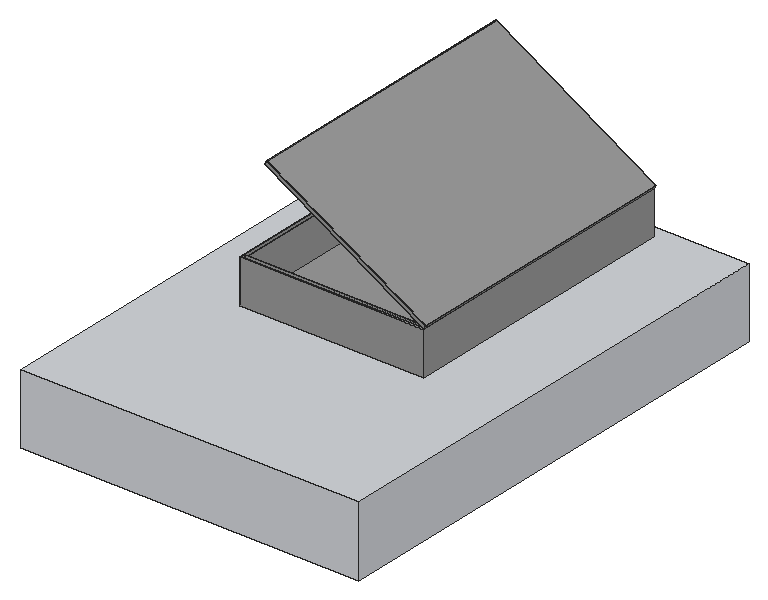
Revit family "Hager-Univers-IP44-D205-H1250-Cl.II-Encl-PT-pt", category Equipement électrique, Revit 2020
Family settings
  Hôte = Face
  Configuration du panneau = Deux colonnes, circuits au sein
  Cote de connecteur circulaire = Utiliser le diamètre
  Type d'élément = Tableau de raccordement
  Couper avec des vides une fois chargée = Non
  Partagée = Non
  Point de calcul de pièce = Non
Parameters (values of type "Montagem em superfície (gesso) IP44 L800 A1250 P205  - FP83SN2")
  Width Control [instance] = if([EF000008 - Largura] > Min Width, [EF000008 - Largura], Min Width)  # 800 mm
  Commentaires du type = [HG000003 - Gama]  # "Univers"
  Thickness Door [instance] = if([EF009171 - Espessura do material da porta/tampa] > 3 mm, 3 mm, [EF009171 - Espessura do material da porta/tampa])  # 1 mm
  Seal Frame Offset [instance] = 17 mm  # constant formula
  Plinth Visibility [instance] = [HG000027 - Altura da Plinta] > 0 mm  # no
  Model = ""
  Min Width [instance] = 100 mm  # constant formula
  Min Height [instance] = 100 mm  # constant formula
  Min Depth [instance] = (2 * [EF009170 - Espessura do material do invólucro]) + 1 mm  # 3 mm
  Internal Frame Depth [instance] = (Door System Depth * 0.5)  # 9 mm
  Height Control [instance] = if([EF000040 - Altura] > Min Height, [EF000040 - Altura], Min Height)  # 1250 mm
  HG000027 - Altura da Plinta = 0 mm
  HG000026 - Instalação no chão = no
  HG000024 - Altura da secção inferior = 800 mm
  HG000023 - Recinto de secção dupla = no
  HG000016 - Visibilidade da porta 3D [instance] = yes
  HG000015 - Visibilidade através da porta [instance] = no
  HG000014 - Porta à direita [instance] = yes
  HG000013 - Porta à esquerda [instance] = not([HG000014 - Porta à direita])  # no
  HG000012 - Ângulo de abertura de porta [instance] = 30.00°
  HG000010 - Portas assimétricas = no
  HG000009 - Porta dupla = no
  HG000006 - Encastrado = no
  HG000004 - Referência do Fabricante = "FP83SN2"
  HG000003 - Gama = "Univers"
  HG000002 - Com porta ou tampa = yes
  Frame Offset Bottom [instance] = 10 mm  # constant formula
  Frame Offset [instance] = 15 mm  # constant formula
  EF015940 - Tampa com libertação de sobrepressão = no
  EF011959 - Grau de proteção (NEMA) = ""
  EF009554 - Número de aberturas para placas de flange = 6
  Fabricant = "Hager"  # constant formula
  EF009212 - Tipo de tampa = "EV000116 - Fechado"
  EF009171 - Espessura do material da porta/tampa = 1 mm
  EF009170 - Espessura do material do invólucro = 1 mm
  EF008873 - Corrente nominal (In) = 250 A
  EF007800 - Adequado para proteção contra raios = no
  EF006306 - Com fecho = no
  EF006244 - Tampa/porta transparente = no
  EF005474 - Grau de proteção (IP) = "EV006418 - IP44"
  EF004464 - Tipo de porta = "EV002646 - Único"
  EF004427 - Número de módulos = 288
  EF004293 - Força de impacto = "EV006815 - IK09"
  EF003532 - Adequado para uso no exterior = no
  EF002950 - Largura em número de módulos = 36
  EF001613 - Integridade do circuito = "EV000494 - Nenhum"
  EF001596 - Material do corpo = "EV000179 - Aço"
  EF001131 - Profundidade interior = 130 mm
  EF001088 - Extensão possível = yes
  EF000437 - Número de entradas de condutores = 6
  EF000339 - Tipo de difusor = "EV004216 - Porta"
  EF000266 - Número de linhas = 8
  EF000218 - Profundidade incorporada = 205 mm
  EF000118 - Com tampa de montagem = no
  EF000116 - Número RAL = "9010"
  EF000049 - Profundidade = 205 mm
  EF000040 - Altura = 1250 mm
  EF000008 - Largura = 800 mm
  EF000007 - Cor = "EV000202 - Branco"
  EF000003 - Método de montagem = "EV000384 - Montagem em superfície (gesso)"
  Door System Leaf Tolerance [instance] = 1.5 mm  # constant formula
  Door System Depth [instance] = 18 mm  # constant formula
  Door Height [instance] = Height Control - [HG000027 - Altura da Plinta]  # 1250 mm
  Depth Control [instance] = if([EF000049 - Profundidade] > Min Depth, [EF000049 - Profundidade], Min Depth)  # 205 mm
  Default Elevation = 0 mm
  Connector Offset [instance] = Height Control / 2  # 625 mm
  Bottom Top Plate Trim [instance] = 1.5 mm  # constant formula
  Plinth height Ctrl [instance] = if([HG000027 - Altura da Plinta] > 0 mm, [HG000027 - Altura da Plinta], 12 mm)  # 12 mm
Types (5, lengths in mm): name | Width Control | HG000010 - Portas assimétricas | HG000009 - Porta dupla | HG000004 - Referência do Fabricante | EF009554 - Número de aberturas para placas de flange | EF004464 - Tipo de porta | EF004427 - Número de módulos | EF002950 - Largura em número de módulos | EF001131 - Profundidade interior | EF000437 - Número de entradas de condutores | EF000339 - Tipo de difusor | EF000008 - Largura
  Montagem em superfície (gesso) IP44 L1050 A1250 P205  - FP84SN2 | 1050 | no | yes | "FP84SN2" | 8 | "EV003602 - Duplo" | 384 | 48 | 130 | 8 | "EV004216 - Porta" | 1050
  Montagem em superfície (gesso) IP44 L1300 A1250 P205  - FP85SN2 | 1300 | yes | yes | "FP85SN2" | 10 | "EV003602 - Duplo" | 480 | 60 | 130 | 10 | "EV004216 - Porta" | 1300
  Montagem em superfície (gesso) IP44 L300 A1250 P205  - FP81SN2 | 300 | no | no | "FP81SN2" | 2 | "EV002646 - Único" | 96 | 12 | 143 | 2 | "EV001012 - Tampa" | 300
  Montagem em superfície (gesso) IP44 L550 A1250 P205  - FP82SN2 | 550 | no | no | "FP82SN2" | 4 | "EV002646 - Único" | 192 | 24 | 143 | 4 | "EV001012 - Tampa" | 550
  Montagem em superfície (gesso) IP44 L800 A1250 P205  - FP83SN2 | 800 | no | no | "FP83SN2" | 6 | "EV002646 - Único" | 288 | 36 | 130 | 6 | "EV004216 - Porta" | 800
Reference planes
  plane 1 "Center (Front/Back)": y = 0
  plane 2: z = 0
  plane 3 "Center (Left/Right)": x = 0
  plane 4: z = 205
  plane 5: y = 1
  plane 6: y = 625
  plane 7: y = 0
  plane 8: y = 1250
  plane 9: z = 0
  plane 10: x = -385
  plane 11: x = 385
  plane 12: x = 384
  plane 13: x = -384
  plane 14: y = 1249
  plane 15: x = -383
  plane 16: x = -400
  plane 17: x = 383
  plane 18: x = 400
  plane 19: x = 399
  plane 20: x = -399
  plane 21: y = 11
  plane 22: y = 1250
  plane 23: y = 1234
  plane 24: z = 187
  plane 25: z = 1
  plane 26: z = 186
  plane 27: z = 204
Forms (mm)
  Extrusion 1, solid
    sketch origin (0, 0, 0) x (1, 0, 0) y (0, 1, 0)
      loop
        line (-702.964, 1305) -> (-702.964, -811.445) -> (766.763, -811.445) -> (766.763, 1305) -> (-702.964, 1305)
    from 0 to -304.8
  Extrusion 2, solid, material "Hager_Steel_RAL7035_Light_Grey", visible <- "Plinth Visibility", detail levels medium+fine
    sketch origin (0, 0, 0) x (1, 0, 0) y (0, 1, 0)
      loop
        line (-400, 0) -> (400, 0) -> (400, 12) -> (-400, 12) -> (-400, 0)
    from 0 to 187
  Extrusion 3, solid, material "Hager_Steel_RAL7035_Light_Grey", detail levels medium+fine
    sketch origin (0, 0, 0) x (1, 0, 0) y (0, 1, 0)
      loop
        line (-400, 0) -> (400, 0) -> (400, 1250) -> (-400, 1250) -> (-400, 0)
    from 0 to 187
  Extrusion 4, void
    sketch origin (0, 0, 0) x (1, 0, 0) y (0, 1, 0)
      loop
        line (-399, 1) -> (399, 1) -> (399, 1249) -> (-399, 1249) -> (-399, 1)
    from 1 to 186
  Extrusion 5, void
    sketch origin (-381.607, -4572, 187) x (0, -1, 0) y (-1, 0, 0)
      loop
        line (-4583, 2.393) -> (-5806, 2.393) -> (-5806, -765.607) -> (-4583, -765.607) -> (-4583, 2.393)
    from 0 to 1 <- "EF009170 - Espessura do material do invólucro"
  Extrusion 6, solid, material "Hager_Steel_RAL7035_Light_Grey", detail levels fine
    sketch origin (0, 0, 187) x (1, 0, 0) y (0, 1, 0)
      loop
        line (-384, 1234) -> (-384, 11) -> (384, 11) -> (384, 1234) -> (-384, 1234)
      loop
        line (-385, 10) -> (385, 10) -> (385, 1235) -> (-385, 1235) -> (-385, 10)
    from 0 to 9 <- "Internal Frame Depth"
  Extrusion 7, solid, material "Hager_Steel_RAL7035_Light_Grey", detail levels coarse
    sketch origin (0, 0, 0) x (1, 0, 0) y (0, 1, 0)
      loop
        line (-400, 0) -> (400, 0) -> (400, 1250) -> (-400, 1250) -> (-400, 0)
    from 0 to 205
  Sweep 8, void
    path in 3D
      loop
        line (-400, 12, 0) -> (400, 12, 0) -> (400, 12, 187) -> (-400, 12, 187) -> (-400, 12, 0)
    profile origin (-400, 12, 93.5) x (-1, 0, 0) y (0, -1, 0)
      loop
        line (0, 0) -> (0, 1.5) -> (-1.5, 1.5)
        arc (-1.5, 1.5) -> (-1.061, 0.439) -> (0, 0) r 1.5
Cuts and joins
  Extrusion 4, Extrusion 5 cuts Extrusion 3
  Sweep 8 cuts Extrusion 2
Lines and regions (mm)
  Masking region 1
    outline origin (0, 0, 0) x (1, 0, 0) y (0, 0, 1)
      loop
        line (-400, 205) -> (-400, 0) -> (400, 0) -> (400, 205) -> (-400, 205)
  Masking region 2, detail levels medium+fine
    outline origin (0, 140, 0) x (0, 1, 0) y (0, 0, 1)
      loop
        line (-140, 0) -> (1110, 0) -> (1110, 187) -> (-140, 187) -> (-140, 0)
  Masking region 3, not visible, detail levels medium+fine
    outline origin (0, 297.922, 0) x (0, 1, 0) y (0, 0, 1)
      loop
        line (338.578, 0) -> (378.578, 0) -> (378.578, 194)
        arc (378.578, 194) -> (375.649, 201.071) -> (368.578, 204) r 10
        line (368.578, 204) -> (338.578, 204) -> (338.578, 0)
  Masking region 4, detail levels coarse
    outline origin (0, 0, 180) x (0, 1, 0) y (0, 0, 1)
      loop
        line (0, -180) -> (1250, -180) -> (1250, 25) -> (0, 25) -> (0, -180)
  Masking region 5, visible <- "Plinth Visibility", detail levels medium+fine
    outline origin (0, 52.24, 12.345) x (0, 0, -1) y (0, 1, 0)
      loop
        line (10.845, -40.24) -> (-173.155, -40.24)
        arc (-173.155, -40.24) -> (-173.594, -41.301) -> (-174.655, -41.74) r 1.5
        line (-174.655, -41.74) -> (-174.655, -52.24) -> (12.345, -52.24) -> (12.345, -41.74)
        arc (12.345, -41.74) -> (11.285, -41.301) -> (10.845, -40.24) r 1.5
  Masking region 6, detail levels medium+fine
    outline origin (-381.607, -4572, 187) x (-1, 0, 0) y (0, -1, 0)
      loop
        line (18.393, -5822) -> (18.393, -4572) -> (-781.607, -4572) -> (-781.607, -5822) -> (18.393, -5822)
  Masking region 7, visible <- "Plinth Visibility", detail levels medium+fine
    outline origin (-381.607, -4727, 187) x (-1, 0, 0) y (0, -1, 0)
      loop
        arc (16.893, -4739) -> (17.332, -4737.939) -> (18.393, -4737.5) r 1.5
        line (18.393, -4737.5) -> (18.393, -4727) -> (-781.607, -4727) -> (-781.607, -4737.5)
        arc (-781.607, -4737.5) -> (-780.546, -4737.939) -> (-780.107, -4739) r 1.5
        line (-780.107, -4739) -> (16.893, -4739)
  Masking region 8, detail levels coarse
    outline origin (-442.548, -4669.526, 187) x (-1, 0, 0) y (0, -1, 0)
      loop
        line (-42.548, -5919.526) -> (-42.548, -4669.526) -> (-842.548, -4669.526) -> (-842.548, -5919.526) -> (-42.548, -5919.526)
  sketch lines
    curve 1: line (-400, 12, 187) -> (-400, 12, 0)
    curve 2: line (400, 12, 187) -> (-400, 12, 187)
    curve 3: line (400, 12, 187) -> (400, 12, 0)
    curve 4: line (-400, 12, 0) -> (400, 12, 0)
Dimensions and locks
  "Depth Control": plane 4 to Extrusion 1
  "HG000027 - Altura da Plinta": plane 1 "Center (Front/Back)" to plane 7
  "EF009170 - Espessura do material do invólucro": plane 5 to plane 7
  locked: connector elem to plane 3 "Center (Left/Right)"
  equal spacing: plane 8, plane 6, plane 7
  locked: connector elem to plane 6
  "EF009170 - Espessura do material do invólucro": plane 8 to plane 14
  "EF009170 - Espessura do material do invólucro": plane 10 to plane 13
  "EF009170 - Espessura do material do invólucro": plane 12 to plane 11
  "Frame Offset": plane 20 to plane 13
  "Frame Offset": plane 12 to plane 19
  "EF009170 - Espessura do material do invólucro": plane 16 to plane 20
  "EF009170 - Espessura do material do invólucro": plane 19 to plane 18
  "Seal Frame Offset": plane 16 to plane 15
  "Seal Frame Offset": plane 17 to plane 18
  "Frame Offset Bottom": plane 21 to plane 5
  "Frame Offset": plane 14 to plane 23
  equal spacing: plane 16, plane 3 "Center (Left/Right)", plane 18
  "Width Control": plane 16 to plane 18
  "EF009170 - Espessura do material do invólucro": plane 4 to plane 27
  "EF009170 - Espessura do material do invólucro": plane 24 to plane 26
  "EF009170 - Espessura do material do invólucro": plane 25 to level
  "Door System Depth": plane 4 to plane 24
  "Height Control": plane 1 "Center (Front/Back)" to Extrusion 7 sketch curve
  "Height Control": Masking region 4 sketch curve to plane 1 "Center (Front/Back)"
  "Height Control": plane 1 "Center (Front/Back)" to plane 22
  "Bottom Top Plate Trim": profile plane to Sweep 8 sketch curve
  "Bottom Top Plate Trim": Sweep 8 sketch curve to profile plane
  "Plinth height Ctrl": plane 1 "Center (Front/Back)" to Extrusion 2 sketch curve
  "Plinth height Ctrl": Masking region 5 sketch curve to plane 1 "Center (Front/Back)"
  "Plinth height Ctrl": plane 1 "Center (Front/Back)" to Masking region 7 sketch curve
  "Thickness Door": Extrusion 6 sketch curve to Extrusion 6 sketch curve  (x3)
  "Thickness Door": cut or joined group of Extrusion 3, Extrusion 4, Extrusion 5 to Extrusion 6 sketch curve
  radius of Masking region 3 sketch curve = 10 mm
  "Bottom Top Plate Trim": radius of Masking region 5 sketch curve  (x2)
  "Bottom Top Plate Trim": radius of Sweep 8 sketch curve
  "Bottom Top Plate Trim": radius of Masking region 7 sketch curve  (x2)
  aligned and locked: plane 2 to Extrusion 1
  aligned and locked: level to Extrusion 1
  aligned and locked: level to Masking region 1 sketch curve
  aligned and locked: Masking region 1 sketch curve to plane 18
  aligned and locked: Masking region 1 sketch curve to plane 16
  aligned and locked: plane 7 to Masking region 2 sketch curve
  aligned and locked: level to Masking region 3 sketch curve
  aligned and locked: Masking region 3 sketch curve to plane 27
  aligned and locked: level to Masking region 2 sketch curve
  aligned and locked: plane 1 "Center (Front/Back)" to Extrusion 2 sketch curve
  aligned and locked: Extrusion 3 sketch curve to plane 7
  aligned and locked: plane 16 to Extrusion 3 sketch curve
  aligned and locked: plane 18 to Extrusion 3 sketch curve
  aligned and locked: plane 20 to Extrusion 4 sketch curve
  aligned and locked: plane 19 to Extrusion 4 sketch curve
  aligned and locked: Extrusion 4 sketch curve to plane 5
  aligned and locked: Extrusion 4 to plane 25
  aligned and locked: plane 26 to Extrusion 4
  aligned and locked: plane 24 to Extrusion 3
  aligned and locked: Extrusion 5 sketch curve to plane 21
  aligned and locked: Extrusion 5 sketch curve to plane 13
  aligned and locked: Extrusion 5 sketch curve to plane 12
  aligned and locked: plane 18 to Extrusion 7 sketch curve
  aligned and locked: plane 1 "Center (Front/Back)" to Extrusion 7 sketch curve
  aligned and locked: plane 16 to Extrusion 7 sketch curve
  aligned and locked: plane 4 to Extrusion 7
  aligned and locked: Extrusion 7 to level
  aligned and locked: level to Masking region 4 sketch curve
  aligned and locked: Masking region 4 sketch curve to plane 1 "Center (Front/Back)"
  aligned and locked: Masking region 4 sketch curve to plane 4
  aligned and locked: nested 1 to level
  aligned and locked: nested 1 to plane 16
  aligned and locked: plane 8 to Extrusion 3 sketch curve
  aligned and locked: plane 23 to Extrusion 5 sketch curve
  aligned and locked: plane 14 to Extrusion 4 sketch curve
  aligned and locked: Masking region 2 sketch curve to plane 8
  aligned and locked: level to Masking region 5 sketch curve
  aligned and locked: plane 16 to Extrusion 2 sketch curve
  aligned and locked: plane 18 to Extrusion 2 sketch curve
  aligned and locked: Masking region 5 sketch curve to plane 24
  aligned and locked: Masking region 2 sketch curve to plane 24
  aligned and locked: plane 24 to Extrusion 2
  aligned and locked: profile plane to Sweep 8 sketch curve  (x2)
  aligned and locked: Masking region 6 sketch curve to plane 18
  aligned and locked: Masking region 6 sketch curve to plane 22
  aligned and locked: Masking region 6 sketch curve to plane 16
  aligned and locked: plane 8 to plane 22
  aligned and locked: Masking region 6 sketch curve to plane 7
  aligned and locked: Masking region 7 sketch curve to plane 16
  aligned and locked: Masking region 7 sketch curve to plane 1 "Center (Front/Back)"
  aligned and locked: Masking region 7 sketch curve to plane 18
  aligned and locked: Masking region 8 sketch curve to plane 1 "Center (Front/Back)"
  aligned and locked: Masking region 8 sketch curve to plane 18
  aligned and locked: Masking region 8 sketch curve to plane 22
  aligned and locked: Masking region 8 sketch curve to plane 16
  aligned and locked: nested 2 to plane 7
  aligned and locked: plane 3 "Center (Left/Right)" to nested 2
  aligned and locked: nested 2 to plane 24
  aligned and locked: Extrusion 6 sketch curve to cut or joined group of Extrusion 3, Extrusion 4, Extrusion 5  (x4)
Automatic sketch dimensions
  Extrusion 1 sketch curve to Extrusion 1 sketch curve = 1469.727 mm
  Extrusion 1 sketch curve to Extrusion 1 sketch curve = 2116.445 mm
  Masking region 1 sketch curve to plane 4 = 0 mm
  plane 6 to Masking region 3 sketch curve = 11.5 mm
  Masking region 3 sketch curve to Masking region 3 sketch curve = 30 mm
  Masking region 5 sketch curve to plane 1 "Center (Front/Back)" = 0 mm
Nested families
  nested 1: "Hager_Enclosure_Symbol" at (-400, 0, 0) x (1, 0, 0) z (0, -1, 0), Height <- "Depth Control", Width <- "Width Control", type "Hager_Enclosure_Symbol"
    with Width_Ctrl 800 mm, Width 800 mm, Height_Ctrl 205 mm, Height 205 mm, A_Width_Int 13.453 mm, A_Width 161.438 mm, A_Height_Ctrl 179.375 mm, A_Height 179.375 mm
  nested 2: "EC000058_Univers_Door" at (0, 0, 187) x (1, 0, 0) z (0, 1, 0), Leaf_Tolerance <- "Door System Leaf Tolerance", Angle <- "HG000012 - Ângulo de abertura de porta", Door_Depth <- "Door System Depth", Door_Left <- "HG000013 - Porta à esquerda", Transparent <- "EF006244 - Tampa/porta transparente", Assymetrical <- "HG000010 - Portas assimétricas", Width <- "Width Control", Clearance <- "HG000015 - Visibilidade através da porta", Double <- "HG000009 - Porta dupla", 3d_Door <- "HG000016 - Visibilidade da porta 3D", Lock_Visibility <- "EF006306 - Com fecho", Width_Ctrl <- "Width Control", Door_Right <- "HG000014 - Porta à direita", Door <- "HG000002 - Com porta ou tampa", Height <- "Door Height", Thickness <- "Thickness Door", type "EC000058_Univers_Door", detail levels medium+fine
    with min_wh 3 mm, Width_Ctrl 800 mm, Width 800 mm, Transparent no, Thickness 1 mm, Seal_Material Hager_Rubber, Lock_Visibility no, Lock_Material Hager_Plastic_RAL9005_Jet_Black, Leaf_Width 800 mm, Leaf_Tolerance_External_Sides 0 mm, Leaf_Tolerance 1.5 mm, Leaf_Offset 0 mm, Leaf_Height 1247 mm, Leaf_2_Width 800 mm, Leaf_2_Offset 400 mm, Leaf_1_Width 800 mm, Leaf_1_Offset 400 mm, Height_Ctrl 1250 mm, Height 1250 mm, Glass_Material Hager_Glass, Double_Clearance_Ctrl no, Double no, Door_Right_Ctrl yes, Door_Right yes, Door_Material Hager_Steel_RAL7035_Light_Grey, Door_Left_Ctrl no, Door_Left no, Door_Depth 18 mm, Door yes, Clearance_Material Hager_Clearance, Clearance_Depth 800 mm, Clearance_Ctrl no, Clearance no, Assymetrical no, Angle 30.00°, 3d_Door yes
Connectors
  electrical at (0, 625, 0)
    settings: on plane 9, index 1, voltage 0 V, apparent load 0 VA, apparent load phase1 0 VA, apparent load phase2 0 VA, apparent load phase3 0 VA, power factor 1, load classification "Other", number of poles 1, system type 30, power factor state 1, is connector primary yes, connector utility no, sub classification motor no, connector description ""
Definition of nested family "EC000058_Univers_Door"
  Parameters (values of type "EC000058_Univers_Door")
    min_wh [instance] = (2 * Thickness) + 1 mm  # 11 mm
    Width_Ctrl [instance] = 400 mm
    Width [instance] = 500 mm
    Transparent [instance] = yes
    Thickness [instance] = 5 mm
    Seal_Material [instance] = none
    Lock_Visibility [instance] = yes
    Lock_Material [instance] = none
    Leaf_Width [instance] = if((Width_Ctrl - 2 * Leaf_Tolerance_External_Sides) > 0 mm, (Width_Ctrl - 2 * Leaf_Tolerance_External_Sides), min_wh)  # 400 mm
    Leaf_Tolerance_External_Sides [instance] = 0 mm  # constant formula
    Leaf_Tolerance [instance] = 1.5 mm
    Leaf_Offset [instance] = 0 mm  # constant formula
    Leaf_Height [instance] = if((Height_Ctrl - 2 * Leaf_Tolerance) > 0 mm, (Height_Ctrl - 2 * Leaf_Tolerance), min_wh)  # 497 mm
    Leaf_2_Width [instance] = if(and(and(Double, Assymetrical), Door_Left), (Leaf_Width / 3) - (Leaf_Tolerance / 2), if(and(and(Double, Assymetrical), Door_Right), (Leaf_Width / 3) * 2 - (Leaf_Tolerance / 2), if(and(Double, not(Assymetrical)), (Leaf_Width / 2) - Leaf_Tolerance, Leaf_Width)))  # 400 mm
    Leaf_2_Offset [instance] = if(and(Double, Assymetrical), Leaf_2_Width / 2, if(and(Double, not(Assymetrical)), Leaf_Width / 4, Leaf_Width / 2))  # 200 mm
    Leaf_1_Width [instance] = if(and(and(Double, Assymetrical), Door_Right), (Leaf_Width / 3) - (Leaf_Tolerance / 2), if(and(and(Double, Assymetrical), Door_Left), (Width / 3) * 2 - (Leaf_Tolerance / 2), if(and(Double, not(Assymetrical)), (Leaf_Width / 2) - Leaf_Tolerance, Leaf_Width)))  # 400 mm
    Leaf_1_Offset [instance] = if(and(Double, Assymetrical), Leaf_1_Width / 2, if(and(Double, not(Assymetrical)), Leaf_Width / 4, Leaf_Width / 2))  # 200 mm
    Height_Ctrl [instance] = if(Height > min_wh, Height, min_wh)  # 500 mm
    Height [instance] = 500 mm
    Glass_Material [instance] = none
    Double_Clearance_Ctrl [instance] = and(Double, Clearance)  # no
    Double [instance] = no
    Door_Right_Ctrl [instance] = and(or(Door_Right, Double), Door)  # yes
    Door_Right [instance] = yes
    Door_Material [instance] = none
    Door_Left_Ctrl [instance] = and(or(Door_Left, Double), Door)  # no
    Door_Left [instance] = no
    Door_Depth [instance] = 30 mm
    Door [instance] = yes
    Default Elevation = 1219.2 mm
    Clearance_Material [instance] = none
    Clearance_Depth [instance] = if(Leaf_1_Width > Leaf_2_Width, Leaf_1_Width, Leaf_2_Width)  # 400 mm
    Clearance_Ctrl [instance] = and(not(Double), Clearance)  # yes
    Clearance [instance] = yes
    Assymetrical [instance] = yes
    Angle [instance] = 30.00°
    3d_Door [instance] = yes
  Reference planes
    plane 1 "Center (Front/Back)": y = 0
    plane 2 "Bottom": z = 0
    plane 3 "Center (Left/Right)": x = 0
    plane 4: z = 500
    plane 5: x = -200
    plane 6: x = 200
    plane 7: z = 500
    plane 8: x = -200
    plane 9: z = 0
    plane 10: x = 200
    plane 11: y = 0
    plane 12: z = 1.5
    plane 13: x = -600
    plane 14: y = -400
    plane 15: x = 600
    plane 16: x = 0
    plane 17: x = 0
    plane 18: x = -200
    plane 19: x = 200
    plane 20: z = 498.5
  Forms (mm)
    Extrusion 1, solid, material <- "Clearance_Material", visible <- "Double_Clearance_Ctrl"
      sketch origin (1200, 0, 0) x (1, 0, 0) y (0, 0, -1)
        loop
          line (-1800, -498.5) -> (-600, -498.5) -> (-600, 0) -> (-1800, 0) -> (-1800, -498.5)
      from 0 to -400
  Dimensions and locks
    equal spacing: plane 5, plane 3 "Center (Left/Right)", plane 6
    "Width_Ctrl": plane 5 to plane 6
    "Leaf_Offset": plane 5 to plane 8
    "Leaf_Offset": plane 6 to plane 10
    "Leaf_Offset": plane 9 to level
    "Leaf_Offset": plane 4 to plane 7
    "Height_Ctrl": plane 4 to level
    "Leaf_Tolerance": plane 12 to plane 9
    locked: plane 11 to plane 1 "Center (Front/Back)"
    "Leaf_1_Offset": plane 18 to plane 16
    "Leaf_2_Offset": plane 17 to plane 19
    "Leaf_1_Width": plane 13 to plane 8
    "Leaf_2_Width": plane 10 to plane 15
    "Clearance_Depth": plane 14 to plane 1 "Center (Front/Back)"
    "Leaf_Tolerance_External_Sides": plane 8 to plane 18
    "Leaf_Tolerance_External_Sides": plane 19 to plane 10
    "Leaf_Tolerance": plane 7 to plane 20
    aligned and locked: level to plane 2 "Bottom"
    aligned and locked: nested 1 to plane 16
    aligned and locked: nested 2 to plane 17
    aligned and locked: Extrusion 1 to plane 13
    aligned and locked: plane 15 to Extrusion 1
    aligned and locked: Extrusion 1 to plane 14
    aligned and locked: plane 12 to nested 1
    aligned and locked: nested 2 to plane 12
    aligned and locked: Extrusion 1 to plane 11
    aligned and locked: plane 20 to Extrusion 1
    aligned and locked: nested 2 to plane 11
    aligned and locked: nested 1 to plane 11
  Automatic sketch dimensions
    Extrusion 1 sketch curve to level = 0 mm
    plane 5 to Extrusion 1 sketch curve = 400 mm
    plane 6 to Extrusion 1 sketch curve = 400 mm
    Extrusion 1 sketch curve to plane 4 = 1.5 mm
  Nested families
    nested 1: "EC000058_Univers_Door_Leaf" at (0, 0, 1.5), Width <- "Leaf_1_Width", visible <- "Door_Left_Ctrl", Leaf_Height <- "Leaf_Height", Angle <- "Angle", 3d_Door <- "3d_Door", Transparent <- "Transparent", Clearance Material <- "Clearance_Material", Clearance <- "Clearance_Ctrl", Door_Material <- "Door_Material", Glass_Material <- "Glass_Material", Door_Depth <- "Door_Depth", Lock_Material <- "Lock_Material", Seal_Material <- "Seal_Material", Lock_Visibility <- "Lock_Visibility", Thickness <- "Thickness", type "EC000058_Univers_Door_Leaf"
      with Width 400 mm, Transparent_Glass_Offset 30 mm, Transparent_Ctrl yes, Transparent yes, Thickness 5 mm, Standard no, Seal_Material none, Seal_D2 8 mm, Seal_D1 1 mm, Offset_Internal_Frame 10 mm, Lock_Width 20 mm, Lock_Visibility_3d yes, Lock_Visibility yes, Lock_Thickness_3 3 mm, Lock_Thickness_2 1 mm, Lock_Thickness_1 3 mm, Lock_Radius_Offset_2 16 mm, Lock_Radius_Offset_1 15 mm, Lock_Radius_2 5 mm, Lock_Radius 6 mm, Lock_Offset 5 mm, Lock_Material none, Lock_Height 80 mm, Lock_Cover_Top_Offset_2d 17 mm, Lock_Cover_Height -65 mm, Leaf_Height 497 mm, Internal_Seal_Thickness 8 mm, Internal_Seal_Depth_2 4.5 mm, Internal_Frame_Depth 25 mm, Glass_Thickness -1 mm, Glass_Offset -2 mm, Glass_Material none, Door_Material none, Door_Depth 30 mm, Clearance Material none, Clearance yes, Angle_Ctrl 30.00°, Angle 30.00°, 3d_Door yes
    nested 2: "EC000058_Univers_Door_Leaf" at (0, 0, 1.5) x (-1, 0, 0) z (0, 0, 1), Width <- "Leaf_2_Width", visible <- "Door_Right_Ctrl", Leaf_Height <- "Leaf_Height", Angle <- "Angle", 3d_Door <- "3d_Door", Transparent <- "Transparent", Clearance Material <- "Clearance_Material", Clearance <- "Clearance_Ctrl", Door_Material <- "Door_Material", Glass_Material <- "Glass_Material", Door_Depth <- "Door_Depth", Lock_Material <- "Lock_Material", Seal_Material <- "Seal_Material", Lock_Visibility <- "Lock_Visibility", Thickness <- "Thickness", type "EC000058_Univers_Door_Leaf"
      with Width 400 mm, Transparent_Glass_Offset 30 mm, Transparent_Ctrl yes, Transparent yes, Thickness 5 mm, Standard no, Seal_Material none, Seal_D2 8 mm, Seal_D1 1 mm, Offset_Internal_Frame 10 mm, Lock_Width 20 mm, Lock_Visibility_3d yes, Lock_Visibility yes, Lock_Thickness_3 3 mm, Lock_Thickness_2 1 mm, Lock_Thickness_1 3 mm, Lock_Radius_Offset_2 16 mm, Lock_Radius_Offset_1 15 mm, Lock_Radius_2 5 mm, Lock_Radius 6 mm, Lock_Offset 5 mm, Lock_Material none, Lock_Height 80 mm, Lock_Cover_Top_Offset_2d 17 mm, Lock_Cover_Height -65 mm, Leaf_Height 497 mm, Internal_Seal_Thickness 8 mm, Internal_Seal_Depth_2 4.5 mm, Internal_Frame_Depth 25 mm, Glass_Thickness -1 mm, Glass_Offset -2 mm, Glass_Material none, Door_Material none, Door_Depth 30 mm, Clearance Material none, Clearance yes, Angle_Ctrl 30.00°, Angle 30.00°, 3d_Door yes
  Definition of nested family "EC000058_Univers_Door_Leaf"
    Parameters (values of type "EC000058_Univers_Door_Leaf")
      Width [instance] = 2000 mm
      Transparent_Glass_Offset [instance] = 30 mm
      Transparent_Ctrl [instance] = and(Transparent, [3d_Door])  # yes
      Transparent [instance] = yes
      Thickness [instance] = 5 mm
      Standard [instance] = and(not(Transparent), [3d_Door])  # no
      Seal_Material [instance] = none
      Seal_D2 [instance] = 8 mm  # constant formula
      Seal_D1 [instance] = 1 mm  # constant formula
      Offset_Internal_Frame [instance] = 10 mm  # constant formula
      Lock_Width [instance] = 20 mm  # constant formula
      Lock_Visibility_3d [instance] = and(Lock_Visibility, [3d_Door])  # yes
      Lock_Visibility [instance] = yes
      Lock_Thickness_3 [instance] = 3 mm  # constant formula
      Lock_Thickness_2 [instance] = 1 mm  # constant formula
      Lock_Thickness_1 [instance] = 3 mm  # constant formula
      Lock_Radius_Offset_2 [instance] = Lock_Radius_Offset_1 + 1 mm  # 16 mm
      Lock_Radius_Offset_1 [instance] = 15 mm  # constant formula
      Lock_Radius_2 [instance] = Lock_Radius - 1 mm  # 5 mm
      Lock_Radius [instance] = 6 mm  # constant formula
      Lock_Offset [instance] = 5 mm  # constant formula
      Lock_Material [instance] = none
      Lock_Height [instance] = 80 mm  # constant formula
      Lock_Cover_Top_Offset_2d [instance] = Lock_Radius_Offset_2 + 1 mm  # 17 mm
      Lock_Cover_Height [instance] = -(Lock_Height - Lock_Radius_Offset_1)  # -65 mm
      Leaf_Height [instance] = 2720.336 mm
      Internal_Seal_Thickness [instance] = 8 mm  # constant formula
      Internal_Seal_Depth_2 [instance] = 4.5 mm  # constant formula
      Internal_Frame_Depth [instance] = if(Door_Depth - Thickness > 5 mm, Door_Depth - Thickness, 5 mm)  # 25 mm
      Glass_Thickness [instance] = if(Thickness > 15 mm, Glass_Offset + 10 mm, -1 mm)  # -1 mm
      Glass_Offset [instance] = if(Thickness > 15 mm, -(Thickness + 10 mm) / 2, -2 mm)  # -2 mm
      Glass_Material [instance] = none
      Door_Material [instance] = none
      Door_Depth [instance] = 30 mm
      Default Elevation = 0 mm
      Clearance Material [instance] = none
      Clearance [instance] = yes
      Angle_Ctrl [instance] = if(Angle > 180.00°, 180.00°, Angle)  # 90.00°
      Angle [instance] = 90.00°
      3d_Door [instance] = yes
    Reference planes
      plane 1 "Center (Front/Back)": y = 0
      plane 2: z = 0
      plane 3 "Center (Left/Right)": x = 0
      plane 4: y = 2000
      plane 5: x = -1000
      plane 6: x = 1000
      plane 7: x = -3000
      plane 8: z = 2720.336
      plane 9: z = 30
      plane 10: z = 2690.336
      plane 11: x = 970
      plane 12: x = -970
      plane 13: y = -3
      plane 14: z = 107.833
      plane 15: y = -5
      plane 16: y = -223.314
      plane 17: x = -1000
      plane 18: z = 1360.168
      plane 19: y = 30
    Forms (mm)
      Extrusion 1, solid, material <- "Clearance Material", visible <- "Clearance"
        sketch origin (0, 0, 0) x (1, 0, 0) y (0, 0, 1)
          loop
            line (-3000, 2720.336) -> (-3000, 0) -> (1000, 0) -> (1000, 2720.336) -> (-3000, 2720.336)
        from 0 to -2000
      Extrusion 2, solid, material <- "Door_Material", visible <- "Standard", detail levels medium+fine
        sketch origin (-1000, 0, 0) x (0, 1, 0) y (-1, 0, 0)
          loop
            line (0, 30) -> (0, 25) -> (2000, 25) -> (2000, 30) -> (0, 30)
        from 0 to 2720.336 <- "Leaf_Height"
      Extrusion 3, solid, material <- "Door_Material", visible <- "Transparent_Ctrl", detail levels medium+fine
        sketch origin (-1000, 0, 0) x (0, 1, 0) y (-1, 0, 0)
          loop
            line (0, 25) -> (2000, 25) -> (2000, 30) -> (0, 30) -> (0, 25)
        from 0 to 2720.336 <- "Leaf_Height"
      Extrusion 4, void
        sketch origin (-1025, 2000, 0) x (0, 1, 0) y (0, 0, -1)
          loop
            line (-30, -2690.336) -> (-30, -30) -> (-1970, -30) -> (-1970, -2690.336) -> (-30, -2690.336)
        from 0 to 5 <- "Thickness"
      Sweep 5, solid, material <- "Seal_Material", visible <- "Transparent_Ctrl", detail levels fine
        path in 3D
          loop
            line (-1025, 30, 30) -> (-1025, 30, 2690.336) -> (-1025, 1970, 2690.336) -> (-1025, 1970, 30) -> (-1025, 30, 30)
        profile origin (-1025, 1000, 30) x (1, 0, 0) y (0, 0, 1)
          loop
            line (0, 0) -> (0, -8) -> (1, -8) -> (1, 0) -> (0, 0)
      Extrusion 6, solid, material <- "Glass_Material", visible <- "Transparent_Ctrl", detail levels medium+fine
        sketch origin (-1030, 0, 0) x (0, 1, 0) y (0, 0, -1)
          loop
            line (1970, -2690.336) -> (1970, -30) -> (30, -30) -> (30, -2690.336) -> (1970, -2690.336)
        from -2 <- "Glass_Offset" to -1 <- "Glass_Thickness"
      Extrusion 7, solid, material <- "Door_Material", visible <- "3d_Door", detail levels medium+fine
        sketch origin (-1025, 2000, 0) x (0, -1, 0) y (0, 0, -1)
          loop
            line (0, -2720.336) -> (2000, -2720.336) -> (2000, 0) -> (0, 0) -> (0, -2720.336)
          loop
            line (1995, -5) -> (5, -5) -> (5, -2715.336) -> (1995, -2715.336) -> (1995, -5)
        from 0 to 25 <- "Internal_Frame_Depth"
      Sweep 8, solid, material <- "Seal_Material", visible <- "Transparent_Ctrl", detail levels fine
        path in 3D
          loop
            line (-1025, 0, 0) -> (-1025, 2000, 0) -> (-1025, 2000, 2720.336) -> (-1025, 0, 2720.336) -> (-1025, 0, 0)
        profile origin (-1025, 0, 1360.168) x (1, 0, 0) y (0, 1, 0)
          loop
            line (0, 10) -> (2.975, 10)
            arc (2.975, 10) -> (4.053, 10.447) -> (4.5, 11.525) r 1.525
            line (4.5, 11.525) -> (4.5, 16.527)
            arc (4.5, 16.527) -> (4.069, 17.569) -> (3.027, 18) r 1.473
            line (3.027, 18) -> (0, 18) -> (0, 10)
      Extrusion 9, solid, material <- "Lock_Material", visible <- "Lock_Visibility_3d", detail levels fine
        sketch origin (-1030, 0, 0) x (0, 1, 0) y (0, 0, -1)
          loop
            arc (1993.5, -1400.168) -> (1994.561, -1399.729) -> (1995, -1398.668) r 1.5
            line (1995, -1398.668) -> (1995, -1320.168) -> (1975, -1320.168) -> (1975, -1398.668)
            arc (1975, -1398.668) -> (1975.439, -1399.729) -> (1976.5, -1400.168) r 1.5
            line (1976.5, -1400.168) -> (1993.5, -1400.168)
        from 3 <- "Lock_Thickness_1" to 0
      Blend 10, solid, material <- "Lock_Material", visible <- "Lock_Visibility_3d", detail levels fine
        base sketch origin (-1033, 0, 0) x (0, 1, 0) y (0, 0, -1)
          loop
            line (1975, -1320.168) -> (1975, -1398.668)
            arc (1975, -1398.668) -> (1975.439, -1399.729) -> (1976.5, -1400.168) r 1.5
            line (1976.5, -1400.168) -> (1993.5, -1400.168)
            arc (1993.5, -1400.168) -> (1994.561, -1399.729) -> (1995, -1398.668) r 1.5
            line (1995, -1398.668) -> (1995, -1320.168) -> (1975, -1320.168)
        top sketch origin (-1033, 0, 0) x (0, 1, 0) y (0, 0, -1)
          loop
            line (1976, -1320.168) -> (1976, -1398.668)
            arc (1976, -1398.668) -> (1976.146, -1399.022) -> (1976.5, -1399.168) r 0.5
            line (1976.5, -1399.168) -> (1993.5, -1399.168)
            arc (1993.5, -1399.168) -> (1993.854, -1399.022) -> (1994, -1398.668) r 0.5
            line (1994, -1398.668) -> (1994, -1320.168) -> (1976, -1320.168)
        from 0 to 1 <- "Lock_Thickness_2"
      Blend 11, solid, material <- "Lock_Material", visible <- "Lock_Visibility_3d", detail levels fine
        base sketch origin (-1034, 0, 0) x (0, 1, 0) y (0, 0, -1)
          loop
            line (1978, -1320.168) -> (1978, -1384.168)
            arc (1978, -1384.168) -> (1985, -1391.168) -> (1992, -1384.168) r 7
            line (1992, -1384.168) -> (1992, -1320.168) -> (1978, -1320.168)
        top sketch origin (-1034, 0, 0) x (0, 1, 0) y (0, 0, -1)
          loop
            line (1991, -1320.168) -> (1979, -1320.168) -> (1979, -1383.168)
            arc (1979, -1383.168) -> (1985, -1389.168) -> (1991, -1383.168) r 6
            line (1991, -1383.168) -> (1991, -1320.168)
        from 0 to 3 <- "Lock_Thickness_3"
      Extrusion 12, solid, material <- "Lock_Material", visible <- "Lock_Visibility_3d", detail levels fine
        sketch origin (-1030, 1975, 1320.168) x (1, 0, 0) y (0, -1, 0)
          loop
            line (-7, -19) -> (-7, -1) -> (0, -1) -> (0, 0) -> (-8, 0) -> (-8, -20) -> (0, -20) -> (0, -19) -> (-7, -19)
        from 0 to -65 <- "Lock_Cover_Height"
      Extrusion 13, void
        sketch origin (-1038, 1995, 1320.168) x (-1, 0, 0) y (0, 0, -1)
          loop
            line (-5, -65) -> (0, -65) -> (-5, -60) -> (-5, -65)
        from 0 to 20 <- "Lock_Width"
      Extrusion 14, void
        sketch origin (-1038, 1975, 1320.168) x (0, -1, 0) y (0, 0, -1)
          loop
            circle (-10, -15.995) r 6
          loop
            circle (-10, -15.995) r 5
        from 0 to 2
      Extrusion 15, solid, material <- "Lock_Material", visible <- "Lock_Visibility_3d", detail levels medium
        sketch origin (-1030, 0, 0) x (0, 1, 0) y (0, 0, -1)
          loop
            arc (1993.5, -1400.168) -> (1994.561, -1399.729) -> (1995, -1398.668) r 1.5
            line (1995, -1398.668) -> (1995, -1320.168) -> (1975, -1320.168) -> (1975, -1398.668)
            arc (1975, -1398.668) -> (1975.439, -1399.729) -> (1976.5, -1400.168) r 1.5
            line (1976.5, -1400.168) -> (1993.5, -1400.168)
        from 8 to 0
    Cuts and joins
      Extrusion 4 cuts Extrusion 3
      Extrusion 13, Extrusion 14 cuts Extrusion 9
      Extrusion 14 cuts Blend 11
      Extrusion 13, Extrusion 14 cuts Extrusion 12
      joined: Extrusion 9, Blend 10, Blend 11, Extrusion 12
      Extrusion 14 cuts Extrusion 15
    Lines and regions (mm)
      Masking region 1, visible <- "Lock_Visibility", detail levels fine
        outline origin (0, 0, 0) x (0, 1, 0) y (0, 0, 1)
          loop
            line (30, 1320.168) -> (33, 1320.168) -> (33, 1400.168) -> (30, 1400.168) -> (30, 1320.168)
      Masking region 2, visible <- "Lock_Visibility", detail levels fine
        outline origin (0, 3.143, 0) x (0, 1, 0) y (0, 0, 1)
          loop
            line (29.857, 1354.168) -> (30.857, 1354.168) -> (30.857, 1366.168) -> (29.857, 1366.168) -> (29.857, 1354.168)
      Masking region 3, detail levels medium+fine
        outline origin (0, 0, 0) x (0, 1, 0) y (0, 0, 1)
          loop
            line (0, 0) -> (30, 0) -> (30, 2720.336) -> (0, 2720.336) -> (0, 0)
      Masking region 4, detail levels medium+fine
        outline origin (0, 0, 0) x (1, 0, 0) y (0, 0, 1)
          loop
            line (-1000, 2720.336) -> (-1000, 0) -> (1000, 0) -> (1000, 2720.336) -> (-1000, 2720.336)
      Masking region 5, visible <- "Lock_Visibility", detail levels fine
        outline origin (-47.116, 0, 0) x (1, 0, 0) y (0, 0, 1)
          loop
            arc (1024.616, 1399.168) -> (1023.556, 1398.729) -> (1023.116, 1397.668) r 1.5
            line (1023.116, 1397.668) -> (1023.116, 1320.168) -> (1041.116, 1320.168) -> (1041.116, 1397.668)
            arc (1041.116, 1397.668) -> (1040.677, 1398.729) -> (1039.616, 1399.168) r 1.5
            line (1039.616, 1399.168) -> (1024.616, 1399.168)
      Masking region 6, visible <- "Lock_Visibility", detail levels medium+fine
        outline origin (-25, 0, 0) x (1, 0, 0) y (0, 0, 1)
          loop
            arc (1001.5, 1400.168) -> (1000.439, 1399.729) -> (1000, 1398.668) r 1.5
            line (1000, 1398.668) -> (1000, 1320.168) -> (1020, 1320.168) -> (1020, 1398.668)
            arc (1020, 1398.668) -> (1019.561, 1399.729) -> (1018.5, 1400.168) r 1.5
            line (1018.5, 1400.168) -> (1001.5, 1400.168)
      Masking region 7, visible <- "Lock_Visibility", detail levels fine
        outline origin (-73.735, 0, 0) x (1, 0, 0) y (0, 0, 1)
          loop
            line (1051.735, 1382.168) -> (1065.735, 1382.168) -> (1065.735, 1384.168)
            arc (1065.735, 1384.168) -> (1058.735, 1391.168) -> (1051.735, 1384.168) r 7
            line (1051.735, 1384.168) -> (1051.735, 1382.168)
      Masking region 8, visible <- "Lock_Visibility", detail levels fine
        outline origin (-73.735, 0, 0) x (1, 0, 0) y (0, 0, 1)
          loop
            line (1052.735, 1382.168) -> (1064.735, 1382.168) -> (1064.735, 1383.168)
            arc (1064.735, 1383.168) -> (1058.735, 1389.168) -> (1052.735, 1383.168) r 6
            line (1052.735, 1383.168) -> (1052.735, 1382.168)
      Masking region 9, visible <- "Lock_Visibility", detail levels fine
        outline origin (-25, 0, 0) x (1, 0, 0) y (0, 0, 1)
          loop
            line (1020, 1320.168) -> (1020, 1382.168) -> (1000, 1382.168) -> (1000, 1320.168) -> (1020, 1320.168)
      Masking region 10, detail levels medium+fine
        outline origin (0, 0, 0) x (1, 0, 0) y (0, 0, 1)
          loop
            circle (985, 1335.144) r 6
      Masking region 11, detail levels fine
        outline origin (0, 0, 0) x (1, 0, 0) y (0, 0, 1)
          loop
            circle (985, 1335.144) r 5
      Masking region 12, visible <- "Lock_Visibility", detail levels fine
        outline origin (0, 12.767, 0) x (0, 1, 0) y (0, 0, 1)
          loop
            line (20.233, 1320.168) -> (21.233, 1320.168) -> (21.233, 1399.168) -> (20.233, 1400.168) -> (20.233, 1320.168)
      Masking region 13, visible <- "Lock_Visibility", detail levels fine
        outline origin (0, 13.767, -10) x (0, 1, 0) y (0, 0, 1)
          loop
            line (20.233, 1330.168) -> (23.233, 1330.168) -> (23.233, 1399.168) -> (20.233, 1402.168) -> (20.233, 1330.168)
      Masking region 14, visible <- "Lock_Visibility", detail levels fine
        outline origin (0, 12.767, -10) x (0, 1, 0) y (0, 0, 1)
          loop
            line (20.233, 1330.168) -> (25.233, 1330.168) -> (25.233, 1399.305) -> (20.233, 1394.305) -> (20.233, 1330.168)
      Masking region 15, visible <- "Lock_Visibility", detail levels medium
        outline origin (0, 0, 0) x (0, 1, 0) y (0, 0, 1)
          loop
            line (30, 1320.168) -> (38, 1320.168) -> (38, 1400.168) -> (30, 1400.168) -> (30, 1320.168)
      Masking region 16, visible <- "Lock_Visibility", detail levels fine
        outline origin (-1000, 0, 0) x (0, 1, 0) y (-1, 0, 0)
          loop
            line (1975, 30) -> (1995, 30) -> (1995, 38) -> (1975, 38) -> (1975, 30)
          loop
            line (1979, 37) -> (1976, 37) -> (1976, 34) -> (1978, 34) -> (1979, 37)
          loop
            line (1994, 37) -> (1991, 37) -> (1992, 34) -> (1994, 34) -> (1994, 37)
      Masking region 17, visible <- "Lock_Visibility", detail levels medium
        outline origin (-1000, 0, 0) x (0, 1, 0) y (-1, 0, 0)
          loop
            line (1975, 30) -> (1995, 30) -> (1995, 38) -> (1975, 38) -> (1975, 30)
      symbolic lines
        curve 1: line (1000, 0, 0) -> (-3000, 0, 0)
        curve 2: arc (1000, 0, 0) -> (-1000, 2000, 0) -> (-3000, 0, 0) r 2000
        curve 4: line (-1030, 0, 0) -> (-1030, 2000, 0)
      reference lines
        curve 3: line (-1000, 0, 0) -> (-1000, 2000, 0)
      symbolic lines, detail levels medium+fine
        curve 5: line (-1030, 2000, 0) -> (-1025, 2000, 0)
        curve 7: line (-1025, 0, 0) -> (-1030, 0, 0)
        curve 8: line (-1025, 0, 0) -> (-1000, 0, 0)
        curve 9: line (-1000, 0, 0) -> (-1000, 2000, 0)
        curve 10: line (-1000, 2000, 0) -> (-1025, 2000, 0)
      symbolic lines, detail levels fine
        curve 6: line (-1025, 2000, 0) -> (-1025, 0, 0)
      sketch lines
        curve 11: line (-1025, 0, 2720.336) -> (-1025, 0, 0)
        curve 12: line (-1025, 2000, 0) -> (-1025, 0, 0)
        curve 13: line (-1025, 2000, 2720.336) -> (-1025, 2000, 0)
        curve 14: line (-1025, 0, 2720.336) -> (-1025, 2000, 2720.336)
        curve 15: line (-1025, 1970, 30) -> (-1025, 30, 30)
        curve 16: line (-1025, 30, 30) -> (-1025, 30, 2690.336)
        curve 17: line (-1025, 1970, 2690.336) -> (-1025, 1970, 30)
        curve 18: line (-1025, 30, 2690.336) -> (-1025, 1970, 2690.336)
      symbolic lines, visible <- "Transparent", detail levels medium+fine
        curve 19: line (-970, 0, 2690.336) -> (970, 0, 2690.336)
        curve 20: line (-970, 0, 30) -> (-970, 0, 2690.336)
        curve 21: line (970, 0, 30) -> (-970, 0, 30)
        curve 22: line (970, 0, 2690.336) -> (970, 0, 30)
    Dimensions and locks
      "Width": plane 1 "Center (Front/Back)" to plane 4
      equal spacing: plane 5, plane 3 "Center (Left/Right)", plane 6
      "Width": plane 5 to plane 6
      "Width": plane 7 to plane 5
      "Leaf_Height": plane 8 to level
      "Width": curve 5 to curve 3
      "Width": curve 3 to curve 3
      plane 8 to plane 10 = 30 mm
      plane 9 to level = 30 mm
      plane 12 to plane 5 = 30 mm
      plane 6 to plane 11 = 30 mm
      Extrusion 1 to Extrusion 4 sketch curve = 30 mm
      "Transparent_Glass_Offset": curve 3 to Extrusion 4 sketch curve
      "Transparent_Glass_Offset": Extrusion 4 sketch curve to cut or joined group of Extrusion 3, Extrusion 4  (x2)
      cut or joined group of Extrusion 3, Extrusion 4 to Extrusion 6 sketch curve = 30 mm
      "Transparent_Glass_Offset": cut or joined group of Extrusion 3, Extrusion 4 to Extrusion 4 sketch curve
      "Thickness": curve 6 to curve 4
      "Thickness": Extrusion 7 sketch curve to Extrusion 7 sketch curve  (x4)
      "Door_Depth": curve 4 to curve 3
      "Offset_Internal_Frame": profile plane to Sweep 8 sketch curve
      "Internal_Seal_Thickness": Sweep 8 sketch curve to Sweep 8 sketch curve
      "Internal_Seal_Depth_2": profile plane to Sweep 8 sketch curve
      "Seal_D1": profile plane to Sweep 5 sketch curve
      "Seal_D2": profile plane to Sweep 5 sketch curve
      "Thickness": Extrusion 2 sketch curve to Extrusion 2 sketch curve
      equal spacing: Extrusion 9 sketch curve, plane 18, Extrusion 9 sketch curve  (x2)
      equal spacing: Masking region 1 sketch curve, plane 18, Masking region 1 sketch curve
      "Lock_Height": Masking region 1 sketch curve to Masking region 1 sketch curve
      "Lock_Radius": Masking region 2 sketch curve to plane 18 to Masking region 2 sketch curve
      Masking region 2 sketch curve to Masking region 1 = 1 mm
      "Door_Depth": plane 19 to plane 1 "Center (Front/Back)"
      "Lock_Thickness_1": Masking region 1 sketch curve to plane 19
      "Lock_Width": Extrusion 9 sketch curve to Extrusion 9 sketch curve
      "Lock_Height": Extrusion 9 sketch curve to Extrusion 9 sketch curve
      "Lock_Offset": cut or joined group of Extrusion 3, Extrusion 4 to Extrusion 9 sketch curve
      equal spacing: plane 8, plane 18, level
      "Lock_Radius_Offset_1": Blend 11 sketch curve to Blend 10
      locked: Blend 10 to Blend 11 sketch curve at 2  (x2)
      locked: var sketch to Blend 11 sketch curve at 1  (x2)
      "Lock_Radius_Offset_2": Blend 11 sketch curve to Blend 10
      locked: Extrusion 12 sketch curve to Extrusion 12 sketch curve at 1  (x3)
      Masking region 6 sketch curve to Masking region 6 sketch curve = 80 mm
      "Lock_Height": Masking region 6 sketch curve to Masking region 6 sketch curve
      "Lock_Width": Masking region 6 sketch curve to Masking region 6 sketch curve
      locked: Masking region 6 to Masking region 5 sketch curve at 1  (x3)
      locked: Masking region 5 to Masking region 7 sketch curve at 2  (x2)
      "Lock_Radius_Offset_1": Masking region 5 to Masking region 7 sketch curve
      "Lock_Radius_Offset_2": Masking region 5 to Masking region 8 sketch curve
      locked: Masking region 7 to Masking region 8 sketch curve at 1  (x2)
      "Lock_Cover_Top_Offset_2d": Masking region 5 to Masking region 9 sketch curve
      equal spacing: Masking region 9, Masking region 10 sketch curve, Masking region 9
      equal spacing: Masking region 9, Masking region 11 sketch curve, Masking region 9
      Extrusion 15 sketch curve to Extrusion 15 sketch curve = 80 mm
      "Lock_Width": Extrusion 15 sketch curve to Extrusion 15 sketch curve
      "Lock_Height": Extrusion 15 sketch curve to Extrusion 15 sketch curve
      equal spacing: Extrusion 15 sketch curve, plane 18, Extrusion 15 sketch curve
      "Lock_Thickness_3": Masking region 13 sketch curve to Masking region 13 sketch curve
      "Lock_Height": Masking region 12 sketch curve to Masking region 12 sketch curve
      locked: Masking region 13 sketch curve to Masking region 1 at 8
      locked: Masking region 14 sketch curve to Masking region 13 at 1
      locked: Masking region 14 sketch curve to Masking region 1 at 10.863
      "Lock_Height": Masking region 15 sketch curve to Masking region 15 sketch curve
      "Lock_Offset": Extrusion 15 sketch curve to cut or joined group of Extrusion 3, Extrusion 4
      "Lock_Offset": plane 6 to Masking region 6 sketch curve
      radius of Sweep 8 sketch curve = 1.525 mm
      radius of Sweep 8 sketch curve = 1.473 mm
      radius of Extrusion 9 sketch curve = 1.5 mm  (x2)
      "Lock_Radius": radius of Extrusion 14 sketch curve
      "Lock_Radius_2": radius of Extrusion 14 sketch curve
      "Lock_Radius": radius of Masking region 10 sketch curve
      "Lock_Radius_2": radius of Masking region 11 sketch curve
      radius of Extrusion 15 sketch curve = 1.5 mm  (x2)
      "Angle_Ctrl": angle plane 1 "Center (Front/Back)" to curve 3
      locked: Masking region 12 sketch curve to Masking region 12 sketch curve (angle 45.00°)
      locked: Masking region 13 sketch curve to Masking region 13 sketch curve (angle 45.00°)
      locked: Masking region 14 sketch curve to Masking region 14 sketch curve (angle 45.00°)
      aligned and locked: level to plane 2
      aligned and locked: Extrusion 1 to curve 1
      aligned and locked: plane 6 to Extrusion 1
      aligned and locked: Extrusion 1 to plane 1 "Center (Front/Back)"
      aligned and locked: plane 4 to Extrusion 1
      aligned and locked: plane 8 to Extrusion 1
      aligned and locked: curve 7 to Extrusion 2 sketch curve
      aligned and locked: curve 5 to Extrusion 2 sketch curve
      aligned and locked: curve 7 to Extrusion 3 sketch curve
      aligned and locked: Extrusion 3 sketch curve to curve 4
      aligned and locked: Extrusion 3 sketch curve to curve 6
      aligned and locked: Extrusion 3 sketch curve to curve 5
      aligned and locked: curve 9 to curve 3
      aligned and locked: Extrusion 7 sketch curve to cut or joined group of Extrusion 3, Extrusion 4  (x4)
      aligned and locked: plane 17 to curve 3
      aligned and locked: plane 1 "Center (Front/Back)" to curve 3
      aligned and locked: plane 17 to plane 5
      aligned and locked: Sweep 8 sketch curve to profile plane
      aligned and locked: Sweep 5 sketch curve to profile plane  (x2)
      aligned and locked: Masking region 1 to Masking region 2 sketch curve
      aligned and locked: plane 19 to Masking region 1 sketch curve
      aligned and locked: plane 1 "Center (Front/Back)" to Masking region 3 sketch curve
      aligned and locked: plane 19 to Masking region 3 sketch curve
      aligned and locked: level to Masking region 3 sketch curve
      aligned and locked: Masking region 3 sketch curve to plane 8
      aligned and locked: plane 17 to Masking region 4 sketch curve
      aligned and locked: level to Masking region 4 sketch curve
      aligned and locked: Masking region 4 sketch curve to plane 8
      aligned and locked: plane 12 to curve 20
      aligned and locked: plane 10 to curve 19
      aligned and locked: plane 11 to curve 22
      aligned and locked: curve 21 to plane 9
      aligned and locked: Extrusion 2 sketch curve to cut or joined group of Extrusion 3, Extrusion 4
      aligned and locked: Blend 10 sketch curve to Extrusion 9  (x4)
      aligned and locked: Extrusion 9 to Blend 10 sketch curve
      aligned and locked: Blend 10 to Blend 11 sketch curve
      aligned and locked: Extrusion 12 sketch curve to Blend 11
      aligned and locked: Extrusion 12 sketch curve to Extrusion 9  (x4)
      aligned and locked: Masking region 5 sketch curve to Masking region 6
      aligned and locked: Masking region 9 sketch curve to Masking region 6  (x3)
      aligned and locked: Masking region 12 sketch curve to Masking region 1
      aligned and locked: Masking region 13 sketch curve to Masking region 1
      aligned and locked: Masking region 12 to Masking region 14
      aligned and locked: Masking region 14 sketch curve to Masking region 1
      aligned and locked: Masking region 15 sketch curve to Masking region 14
      aligned and locked: Masking region 13 sketch curve to Masking region 12
      aligned and locked: Masking region 16 sketch curve to cut or joined group of Extrusion 14, Extrusion 15  (x4)
      aligned and locked: Masking region 16 sketch curve to cut or joined group of Extrusion 9, Blend 10, Blend 11, Extrusion 12, Extrusion 13, Extrusion 14  (x6)
      aligned and locked: cut or joined group of Extrusion 9, Blend 10, Blend 11, Extrusion 12, Extrusion 13, Extrusion 14 to Masking region 16 sketch curve
      aligned and locked: Masking region 17 sketch curve to cut or joined group of Extrusion 14, Extrusion 15  (x3)
      aligned and locked: Masking region 17 sketch curve to cut or joined group of Extrusion 9, Blend 10, Blend 11, Extrusion 12, Extrusion 13, Extrusion 14
      aligned and locked: Masking region 9 to Masking region 8 sketch curve
      aligned and locked: Masking region 9 to Masking region 7 sketch curve
    Automatic sketch dimensions
      plane 1 "Center (Front/Back)" to curve 2 = 0 mm
      curve 2 to plane 5 = 0 mm
      Extrusion 1 sketch curve to level = 0 mm
      Extrusion 1 sketch curve to plane 7 = 0 mm
      Extrusion 1 sketch curve to plane 6 = 0 mm
      Extrusion 1 sketch curve to plane 8 = 0 mm
      Extrusion 3 to Extrusion 6 sketch curve = 30 mm  (x4)
      Masking region 4 sketch curve to plane 6 = 0 mm
      Blend 10 sketch curve to Extrusion 9 = 1.5 mm
      Blend 10 sketch curve to Extrusion 9 = 1 mm
      Extrusion 13 sketch curve to Extrusion 12 = 0 mm  (x2)
      Extrusion 12 to Extrusion 13 sketch curve = 3 mm
      Extrusion 13 sketch curve to Extrusion 12 = 5 mm
      Extrusion 14 sketch curve to Extrusion 14 sketch curve = 0 mm  (x2)
      Extrusion 14 sketch curve to Extrusion 12 = 10 mm
      Extrusion 14 sketch curve to Extrusion 12 = 15.995 mm
      Masking region 5 sketch curve to Masking region 5 sketch curve = 1.5 mm  (x2)
      Masking region 10 sketch curve to plane 18 = 25.024 mm
      Masking region 11 sketch curve to plane 18 = 25.024 mm
      plane 19 to Masking region 14 sketch curve = 3 mm
      Masking region 16 sketch curve to Masking region 16 sketch curve = 3 mm
      curve 4 to curve 3 = 0 mm
      Blend 10 to Blend 11 sketch curve = 0 mm
      Masking region 6 sketch curve to Masking region 6 sketch curve = 1.5 mm  (x2)
      Masking region 6 sketch curve to plane 18 = 40 mm
      plane 19 to Masking region 12 sketch curve = 3 mm
      Masking region 12 sketch curve to Masking region 12 sketch curve = 1 mm
      Masking region 15 sketch curve to plane 19 = 0 mm
      Masking region 15 sketch curve to plane 18 = 40 mm
      radius of Blend 10 sketch curve to Extrusion 9 = 1 mm
Definition of nested family "Hager_Enclosure_Symbol"
  Parameters (values of type "Hager_Enclosure_Symbol")
    Width_Ctrl [instance] = if(Width > 1 mm, Width, 1 mm)  # 102.27 mm
    Width [instance] = 102.27 mm
    Height_Ctrl [instance] = if(Height > 1 mm, Height, 1 mm)  # 66.5 mm
    A_Width_Int [instance] = if(A_Width / 12 > 2 mm, A_Width / 12, 2 mm)  # 4.364 mm
    A_Width [instance] = if(A_Height_Ctrl * 0.9 > 2 mm, A_Height_Ctrl * 0.9, 2 mm)  # 52.369 mm
    A_Height_Ctrl [instance] = if(A_Height > 2 mm, A_Height, 2 mm)  # 58.188 mm
    Height [instance] = 66.5 mm
    A_Height [instance] = Height - (Height / 8)  # 58.188 mm
  Reference planes
    plane 1 "Centre (avant/arrière)": y = 0
    plane 2: z = 0
    plane 3 "Centre (gauche/droite)": x = 0
    plane 4: x = 52.369
    plane 5: y = 33.042
    plane 6: y = 41.77
    plane 7: y = 66.5
    plane 8: x = 26.184
    plane 9: y = 37.406
    plane 10: x = 102.27
    plane 11: y = 66.5
    plane 12: y = 8.313
  Lines and regions (mm)
    Filled region 1, type "Solid_Black", in view "Niveau de réf."
      outline origin (0, 0, 0) x (1, 0, 0) y (0, 1, 0)
        loop
          line (52.369, 66.5) -> (33.188, 54.536) -> (45.365, 45.006) -> (52.369, 66.5)
    Filled region 2, type "Solid_Black", in view "Niveau de réf."
      outline origin (0, 0, 0) x (1, 0, 0) y (0, 1, 0)
        loop
          line (0, 0) -> (102.27, 0) -> (102.27, 66.5) -> (0, 0)
    detail lines, in view "Niveau de réf."
      curve 1: line (0, 8.313, 0) -> (26.184, 41.77, 0)
      curve 2: line (26.184, 41.77, 0) -> (26.184, 33.042, 0)
      curve 3: line (26.184, 33.042, 0) -> (52.369, 66.5, 0)
  Dimensions and locks
    "A_Width": plane 3 "Centre (gauche/droite)" to plane 4
    equal spacing: plane 3 "Centre (gauche/droite)", plane 8, plane 4
    equal spacing: plane 6, plane 9, plane 5
    equal spacing: curve 3, Filled region 1 sketch curve, Filled region 1 sketch curve
    "Height_Ctrl": plane 1 "Centre (avant/arrière)" to plane 11
    "A_Height_Ctrl": plane 11 to plane 12
    equal spacing: plane 11, plane 9, plane 12
    "A_Width_Int": plane 6 to plane 9
    "Width_Ctrl": plane 3 "Centre (gauche/droite)" to plane 10
    angle Filled region 1 sketch curve to curve 3 = 20.00°
    angle curve 3 to Filled region 1 sketch curve = 20.00°
    locked: curve 3 to Filled region 1 sketch curve (angle 90.00°)
    aligned and locked: plane 10 to Filled region 2
    aligned and locked: plane 11 to Filled region 2 sketch curve
    aligned and locked: plane 10 to Filled region 2 sketch curve
    aligned and locked: plane 3 "Centre (gauche/droite)" to curve 1
    aligned and locked: plane 12 to curve 1
    aligned and locked: plane 7 to plane 11
  Automatic sketch dimensions
    Filled region 1 sketch curve to plane 4 = 0 mm
    Filled region 1 sketch curve to plane 7 = 0 mm
    plane 1 "Centre (avant/arrière)" to Filled region 2 sketch curve = 0 mm
    Filled region 2 sketch curve to plane 3 "Centre (gauche/droite)" = 0 mm
    curve 2 to plane 6 = 0 mm
    curve 2 to plane 8 = 0 mm
    curve 3 to plane 4 = 0 mm
    curve 2 to plane 5 = 0 mm
    curve 3 to plane 7 = 0 mm
